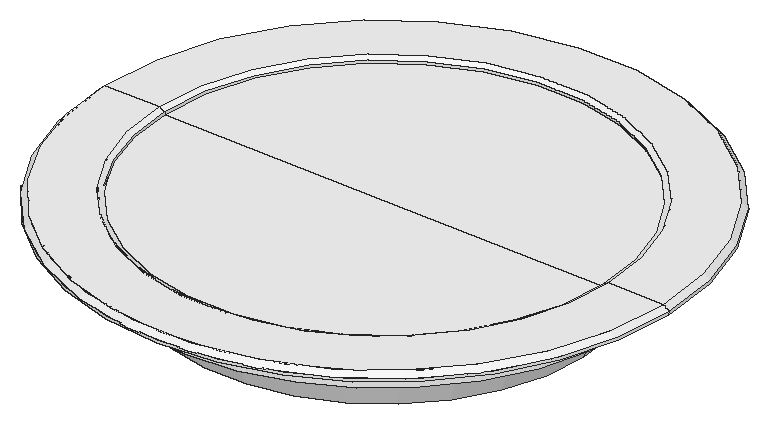
Revit family "0053880 Sylvania Lighting Fixture START eco Downlight Flat 1400lm 840", category Lighting Fixtures, host Face, Revit 2016
Family settings
  Host = Face
  Part Type = Normal
  Round Connector Dimension = Use Diameter
  OmniClass Number = 23.80.70.11.14.11
  OmniClass Title = Downlights
  Cut with Voids When Loaded = No
  Light Source = Yes
  Shared = No
  Room Calculation Point = No
Parameters (values of type "0053880 START eco Downlight Flat 1400lm 840 ")
  Weight = "5.616 kg"
  Wattage Comments = "n/a"
  Wattage = 18 W
  WarrantyStartDate [instance] = "n/a"
  WarrantyGuarantorParts = "n/a"
  WarrantyDurationUnit = "year"
  WarrantyDurationParts = "n/a"
  WarrantyDescription = "n/a"
  built-in parameter 1150110 = 1 (stored number, unit not read)
  Voltage = 230 V
  URL = "http://www.feilosylvania.com"
  TypeName = "START eco Downlight Flat 1400lm 840"
  Type Image = <None>
  Type Comments = "n/a"
  built-in parameter 1114217 = 1 (stored number, unit not read)
  Tilt Angle = -90.00°
  built-in parameter 1150109 = 1 (stored number, unit not read)
  built-in parameter 1150134 = 12
  built-in parameter 1150113 = 1 (stored number, unit not read)
  SerialNumber [instance] = "n/a"
  ReflectorMaterial = none
  RecessedHeight_FEILO = 27 mm
  RecessedDiameter_FEILO = 200 mm
  PowerFactor = 0
  PowerConsumption = "18 W"
  Photometric Web File = "0053295.ies"
  NominalLength = 220 mm
  NominalHeight = 27 mm
  NominalDepth = 220 mm
  Name = "START eco Downlight Flat 1400lm 840"
  ModelReference = Name  # "START eco Downlight Flat 1400lm 840"
  ModelNumber = "0053880"
  Model = Name  # "START eco Downlight Flat 1400lm 840"
  Material = "Polycarbonate"
  ManufacturerName = "Feilo Sylvania"
  Manufacturer = "Feilo Sylvania"
  LuminousEfficacy = "83 lm/W"
  built-in parameter 1150105 = 516.29 (stored number, unit not read)
  Lumens = 1494 lm
  LuminaireType = "LED recessed downlight"
  built-in parameter 1150115 = 1 (stored number, unit not read)
  LightOutputRatio = "1"
  built-in parameter 1150137 = (empty or 0)
  built-in parameter 1150139 = (empty or 0)
  LampsType = Lamp  # "LED"
  LampNominalLuminous = "1500 lm"
  LampMacAdamStep = "5"
  LampColourTemperature = "3000 K"
  LampColourRenderingIndex = "80"
  built-in parameter 1150112 = 1 (stored number, unit not read)
  built-in parameter 1150114 = 1 (stored number, unit not read)
  Lamp = "LED"
  Keynote = "16500"
  InstallationDate [instance] = "n/a"
  InputVoltage = "220-240V~"
  InputNominalFrequency = "50/60 Hz"
  built-in parameter 1150132 = (empty or 0)
  built-in parameter 1150102 = (empty or 0)
  built-in parameter 1150107 = 4000 (stored number, unit not read)
  built-in parameter 1150138 = (empty or 0)
  IngressProtection = "IP20"
  ImpactProtectionIndex = "IK06"
  built-in parameter 1150106 = 5.1629 (stored number, unit not read)
  IfcExportType = "IfcLightFixtureType"
  IfcExportAs = "IfcLightFixtureType"
  ExpectedLife = 50000
  Emit from Circle Diameter = BodyLength_FEILO - 48 mm  # 180 mm
  Emit Shape Visible in Rendering = no
  ElectricShockClassification = "Class II"
  built-in parameter 1150104 = 7.711 (stored number, unit not read)
  DurationUnit = "hours"
  DocumentationLiterature = "http://www.feilosylvania.com/product/en-int/products/0053295"
  DimmingControlOptions = "Non dimmable"
  Dimming Lamp Color Temperature Shift = <None>
  DiffuserMaterial = Diffuser-Sylvania-Glow
  Description = "Integrated round recessed 220mm diameter LED downlight providing uniform distribution with an opal diffuser, 110° beam angle, 1500LM, 18W, 83lm/W, 4000K, CRI80, non-dimmable, IP20, IK06, 25,000hrs (L70)"
  Default Elevation = 1219.2 mm
  CutoutHeight_FEILO = RecessedHeight_FEILO + 10 mm  # 37 mm
  CreatedOn = "'03-11-2017"
  CreatedBy = "aron.fodor@feilosylvania.com"
  Cost = 0
  Color Filter = 16777215
  built-in parameter 1114216 [instance] = (empty or 0)
  ClassificationValue = "EF_70_80"
  ClassificationName = "Uniclass2015"
  BodyWidth_FEILO = BodyLength_FEILO  # 228 mm
  BodyMaterial = Body-Sylvania-SylFlatDimmable-White
  BodyLength_FEILO = 228 mm
  BarCode [instance] = "n/a"
  built-in parameter 1114218 = 1 (stored number, unit not read)
  built-in parameter 1150133 = 10 (stored number, unit not read)
  AssetType = "Fixed"
  AssetIdentifier [instance] = "n/a"
  Assembly Code = "D5020200"
  Apparent Load = 0 VA
  AccessoryMaterial = Diffuser-Sylvania-Glow
Reference planes
  plane 1 "Center (Front/Back)": y = 0
  plane 2: z = 0
  plane 3 "Center (Left/Right)": x = 0
  plane 4: x = 114
  plane 5: x = -114
  plane 6: y = 114
  plane 7: y = -114
  plane 8: z = 3
  plane 9: z = -27
  plane 10: x = 100
  plane 11: x = -100
  plane 12: y = 100
  plane 13: y = -100
  plane 14: z = 2
  plane 15: x = -90
  plane 16: z = -27
  plane 17: z = -37
  plane 18: x = -80
  plane 19: z = -10
  plane 20: z = 1
  plane 21: x = -112
  plane 22: x = -88
Forms (mm)
  Revolve 1, void
    sketch origin (0, 0, 0) x (1, 0, 0) y (0, 0, 1)
      loop
        line (0, 0) -> (-100, 0) -> (-100, -37) -> (0, -37) -> (0, 0)
      axis (0, 0) -> (0, -37)
    angle from 360 to 0
  Revolve 2, solid, material "Body-Sylvania-SylFlatDimmable-White" <- "BodyMaterial"
    sketch origin (0, 0, 0) x (1, 0, 0) y (0, 0, 1)
      loop
        line (0, 1) -> (-88, 1) -> (-88, 2) -> (-90, 3) -> (-112, 3) -> (-114, 1) -> (-114, 0) -> (-100, 0) -> (-100, -10) -> (-90, -10) -> (-80, -27) -> (0, -27) -> (0, 1)
      axis (0, 3) -> (0, -27)
    angle from 360 to 0
Dimensions and locks
  equal spacing: plane 5, plane 3 "Center (Left/Right)", plane 4
  equal spacing: plane 7, plane 1 "Center (Front/Back)", plane 6
  "BodyWidth_FEILO": plane 7 to plane 6
  "BodyLength_FEILO": plane 5 to plane 4
  locked: plane 8 to plane 2 at 3
  equal spacing: plane 11, plane 3 "Center (Left/Right)", plane 10
  "RecessedDiameter_FEILO": plane 11 to plane 10
  equal spacing: plane 13, plane 1 "Center (Front/Back)", plane 12
  "RecessedDiameter_FEILO": plane 13 to plane 12
  locked: plane 14 to plane 2 at 2
  locked: plane 15 to plane 5 at 24
  "RecessedHeight_FEILO": plane 2 to plane 16
  "CutoutHeight_FEILO": plane 2 to plane 17
  locked: plane 18 to plane 15 at 10
  locked: plane 2 to plane 19 at 10
  locked: plane 20 to plane 2 at 1
  locked: plane 21 to plane 5 at 2
  locked: plane 22 to plane 15 at 2
  aligned and locked: plane 2 to host face
  aligned and locked: level to host face
  aligned and locked: Revolve 1 sketch curve to plane 3 "Center (Left/Right)"
  aligned and locked: plane 17 to Revolve 1 sketch curve
  aligned and locked: plane 3 "Center (Left/Right)" to Revolve 1 sketch curve
  aligned and locked: Revolve 1 sketch curve to plane 11
  aligned and locked: level to Revolve 1 sketch curve
  aligned and locked: Revolve 2 sketch curve to plane 8
  aligned and locked: plane 5 to Revolve 2 sketch curve
  aligned and locked: Revolve 2 sketch curve to level
  aligned and locked: Revolve 2 sketch curve to plane 11
  aligned and locked: plane 19 to Revolve 2 sketch curve
  aligned and locked: plane 9 to Revolve 2 sketch curve
  aligned and locked: plane 3 "Center (Left/Right)" to Revolve 2 sketch curve
  aligned and locked: Revolve 2 sketch curve to plane 3 "Center (Left/Right)"
  aligned and locked: plane 3 "Center (Left/Right)" to imposter light
  aligned and locked: imposter light to plane 14
  aligned and locked: imposter light to plane 1 "Center (Front/Back)"
  aligned and locked: Revolve 2 sketch curve to plane 20
  aligned and locked: plane 22 to Revolve 2 sketch curve
Automatic sketch dimensions
  host sketch curve to host sketch curve = 2438.4 mm  (x2)
  plane 17 to Revolve 1 sketch curve = 577.6 mm
  Revolve 1 sketch curve to plane 8 = 2606.058 mm
  Revolve 2 sketch curve to plane 21 = 0 mm
  Revolve 2 sketch curve to plane 15 = 0 mm  (x2)
  Revolve 2 sketch curve to plane 14 = 0 mm
  Revolve 2 sketch curve to plane 18 = 0 mm
  Revolve 2 sketch curve to plane 20 = 0 mm
  plane 17 to Revolve 2 sketch curve = 572.6 mm
  Revolve 2 sketch curve to plane 8 = 2606.058 mm
Connectors
  electrical at (0, 0, 0), driven by "Apparent Load", driven by "PowerFactor", driven by "Voltage"
    settings: index 1, voltage 230 V, apparent load 0 VA, apparent load phase1 0 VA, apparent load phase2 0 VA, apparent load phase3 0 VA, power factor 0, load classification "Lighting", number of poles 1, system type 30, power factor state 1, is connector primary yes, connector utility no, sub classification motor no, connector description ""
